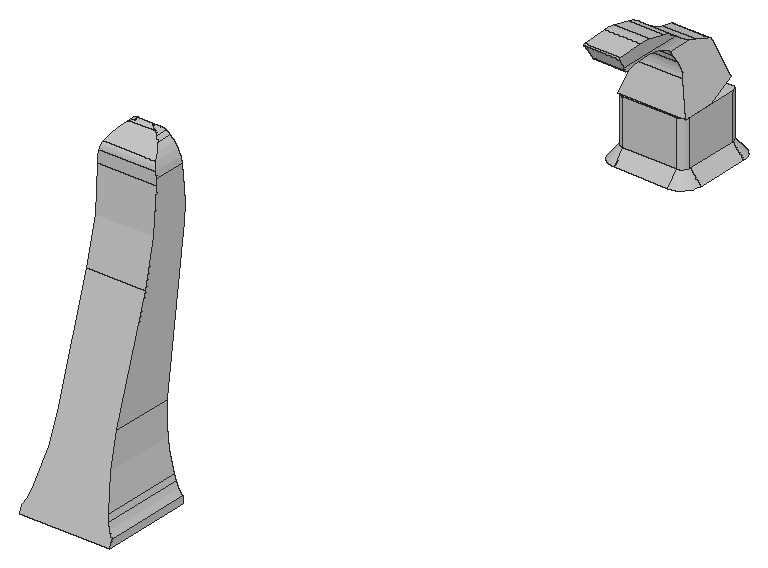
Revit family "Faucet-Lavatory-Delta-Tesla-T552LF_WL", category Plumbing Fixtures, host Face, Revit 2012
Parameters (values of type "Standard")
  Width = 2.500"  # constant formula
  URL = "http://www.deltafaucet.com/index.html"
  Product Page URL = ""
  Product Material = Steel - Delta Faucet Company - Stainless
  Product Documentation Link = ""
  Outlet Radius = 0.500"
  Part Number [instance] = Model  # "T552LF-WL"
  Part Description [instance] = Description  # "Tesla Lavatory Faucet Trim, Two Holes"
  Model Disclaimer = "Contact Delta Faucet Company for More Information"  # constant formula
  Model = "T552LF-WL"  # constant formula
  Manufacturer = "Delta Faucet Company"  # constant formula
  Mixed Water Supply Flow = 0 GPM
  Height = 23.750"  # constant formula
  Handle Height Desired [instance] = 20.000"
  Handle Height Actual [instance] = if(Handle Height Desired < 5.000", 5.000", if(Handle Height Desired > 40.000", 40.000", Handle Height Desired))  # 20.000"
  Family Version = "1.0"  # constant formula
  Equipment Number [instance] = ""
  Equipment Abbreviation = "TF"
  Description = "Tesla Lavatory Faucet Trim, Two Holes"  # constant formula
  Depth = 9.000"  # constant formula
  Default Elevation = 48.000"
  Date Modified = "January 5, 2015"  # constant formula
  Date Created = "January 5, 2015"  # constant formula
  Copyright = "Copyright © 2015 Delta Faucet Company"  # constant formula
  Outlet Flow = 0 GPM
  Connection Radius = 0.500"
Reference planes (in)
  plane 1 "Center (Front/Back)": y = 0
  plane 2 "Center (Elevation)": z = 0
  plane 3 "Center (Left/Right)": x = 0
  plane 4: x = -1.25
  plane 5: x = 1.25
  plane 6: y = 21.25
  plane 7: y = 18.75
  plane 8: y = 20.75
  plane 9: y = 19.25
  plane 10: x = -0.75
  plane 11: x = 0.75
  plane 12: y = 20.95
  plane 13: y = 19.05
  plane 14: x = -0.95
  plane 15: x = 0.95
  plane 16: z = 0
  plane 17: z = 0.365
  plane 18: z = 1.62619
  plane 19: y = 20.5
  plane 20: y = 19.11745
  plane 21: y = 20.8076
  plane 22: y = 17.66463
  plane 23: y = 17.35309
  plane 24: x = -1.5
  plane 25: x = 1.5
  plane 26: y = 20
  plane 27: z = 3.29829
  plane 28: z = 3.79829
  plane 29: z = 8.99658
Forms (in)
  Blend 1, solid, material "Steel - Delta Faucet Company - Stainless" <- "Product Material"
    base sketch origin (0, 0, 0) x (1, 0, 0) y (0, 1, 0)
      loop
        line (-1.25, 20.75) -> (-1.25, 19.25)
        arc (-1.25, 19.25) -> (-1.10355, 18.89645) -> (-0.75, 18.75) r 0.5
        line (-0.75, 18.75) -> (0.75, 18.75)
        arc (0.75, 18.75) -> (1.10355, 18.89645) -> (1.25, 19.25) r 0.5
        line (1.25, 19.25) -> (1.25, 20.75)
        arc (1.25, 20.75) -> (1.10355, 21.10355) -> (0.75, 21.25) r 0.5
        line (0.75, 21.25) -> (-0.75, 21.25)
        arc (-0.75, 21.25) -> (-1.10355, 21.10355) -> (-1.25, 20.75) r 0.5
    top sketch origin (0, 0, 0) x (1, 0, 0) y (0, 1, 0)
      loop
        arc (-0.75, 20.95) -> (-0.89142, 20.89142) -> (-0.95, 20.75) r 0.2
        line (-0.95, 20.75) -> (-0.95, 19.25)
        arc (-0.95, 19.25) -> (-0.89142, 19.10858) -> (-0.75, 19.05) r 0.2
        line (-0.75, 19.05) -> (0.75, 19.05)
        arc (0.75, 19.05) -> (0.89142, 19.10858) -> (0.95, 19.25) r 0.2
        line (0.95, 19.25) -> (0.95, 20.75)
        arc (0.95, 20.75) -> (0.89142, 20.89142) -> (0.75, 20.95) r 0.2
        line (0.75, 20.95) -> (-0.75, 20.95)
    from 0 to 0.365
  Extrusion 2, solid, material "Steel - Delta Faucet Company - Stainless" <- "Product Material"
    sketch origin (0, 0, 0) x (1, 0, 0) y (0, 1, 0)
      loop
        line (-0.95, 20.75) -> (-0.95, 19.25)
        arc (-0.95, 19.25) -> (-0.89142, 19.10858) -> (-0.75, 19.05) r 0.2
        line (-0.75, 19.05) -> (0.75, 19.05)
        arc (0.75, 19.05) -> (0.89142, 19.10858) -> (0.95, 19.25) r 0.2
        line (0.95, 19.25) -> (0.95, 20.75)
        arc (0.95, 20.75) -> (0.89142, 20.89142) -> (0.75, 20.95) r 0.2
        line (0.75, 20.95) -> (-0.75, 20.95)
        arc (-0.75, 20.95) -> (-0.89142, 20.89142) -> (-0.95, 20.75) r 0.2
    from 0.365 to 1.62619
  Extrusion 3, solid, material "Steel - Delta Faucet Company - Stainless" <- "Product Material"
    sketch origin (0, 0, 0) x (0, 1, 0) y (0, 0, 1)
      loop
        line (17.37839, 3.73248) -> (17.63497, 3.32069)
        arc (17.63497, 3.32069) -> (17.67165, 3.28847) -> (17.72002, 3.28187) r 0.08461
        line (17.72002, 3.28187) -> (18.14909, 3.34982)
        arc (18.14909, 3.34982) -> (18.55918, 3.36032) -> (18.95791, 3.26384) r 1.56437
        line (18.95791, 3.26384) -> (18.9901, 3.25139)
        arc (18.9901, 3.25139) -> (19.13676, 3.16028) -> (19.23998, 3.02187) r 0.46428
        line (19.23998, 3.02187) -> (19.32741, 2.84261)
        arc (19.32741, 2.84261) -> (19.38002, 2.65186) -> (19.36022, 2.45499) r 0.53876
        line (19.36022, 2.45499) -> (19.11745, 1.62619) -> (20, 1.62619) -> (20.77686, 1.92013)
        arc (20.77686, 1.92013) -> (20.79592, 1.93748) -> (20.79794, 1.96317) r 0.03502
        line (20.79794, 1.96317) -> (20.51535, 2.88184)
        arc (20.51535, 2.88184) -> (20.49076, 2.92239) -> (20.44988, 2.94644) r 0.09704
        line (20.44988, 2.94644) -> (20.09413, 3.05064)
        arc (20.09413, 3.05064) -> (19.76293, 3.18274) -> (19.46247, 3.37475) r 1.888
        line (19.46247, 3.37475) -> (19.27743, 3.51932)
        arc (19.27743, 3.51932) -> (19.10768, 3.62335) -> (18.91887, 3.68652) r 0.87937
        line (18.91887, 3.68652) -> (18.41071, 3.79454)
        arc (18.41071, 3.79454) -> (18.26013, 3.81613) -> (18.10802, 3.8174) r 1.13577
        line (18.10802, 3.8174) -> (17.40085, 3.7759)
        arc (17.40085, 3.7759) -> (17.37727, 3.76058) -> (17.37839, 3.73248) r 0.02843
    from -0.95 to 0.95
  Extrusion 4, void
    sketch origin (0, 0, 0) x (1, 0, 0) y (0, 0, 1)
      loop
        line (-0.95, 1.62619) -> (-0.45621, 3.14593)
        arc (-0.45621, 3.14593) -> (-0.43127, 3.27424) -> (-0.43811, 3.40477) r 0.53628
        line (-0.43811, 3.40477) -> (-0.51947, 3.86622) -> (0.51947, 3.86622) -> (0.43913, 3.41058)
        arc (0.43913, 3.41058) -> (0.43199, 3.27429) -> (0.45803, 3.14032) r 0.55993
        line (0.45803, 3.14032) -> (0.95, 1.62619) -> (1.5, 1.62619) -> (1.5, 3.92084) -> (-1.5, 3.92084) -> (-1.5, 1.62619) -> (-0.95, 1.62619)
    from -20.95 to -17.35309
  Extrusion 5, solid, material "Steel - Delta Faucet Company - Stainless" <- "Product Material"
    sketch origin (0.00256, 0, 0) x (0, 1, 0) y (0, 0, 1)
      loop
        line (-1.385, 0) -> (1.175, 0) -> (1.14791, 0.28264)
        arc (1.14791, 0.28264) -> (1.10255, 1.51583) -> (1.20219, 2.74583) r 10.5
        line (1.20219, 2.74583) -> (1.75154, 6.65465)
        arc (1.75154, 6.65465) -> (1.78386, 7.08962) -> (1.75913, 7.52509) r 3.33447
        line (1.75913, 7.52509) -> (1.59576, 8.85568)
        arc (1.59576, 8.85568) -> (1.48673, 8.99031) -> (1.31793, 8.95134) r 0.16346
        line (1.31793, 8.95134) -> (0.87944, 8.51286)
        arc (0.87944, 8.51286) -> (0.81695, 8.41932) -> (0.795, 8.30899) r 0.28831
        line (0.795, 8.30899) -> (0.795, 7.96241)
        arc (0.795, 7.96241) -> (0.6976, 6.72478) -> (0.40778, 5.51762) r 7.91153
        line (0.40778, 5.51762) -> (-1.385, 0)
    from -1.25 to 1.25
  Extrusion 6, void
    sketch origin (0.00256, 0, 0) x (1, 0, 0) y (0, 0, 1)
      loop
        line (-1.09148, 0.52968) -> (-1.04745, 0.69414)
        arc (-1.04745, 0.69414) -> (-0.87336, 1.57018) -> (-0.815, 2.46143) r 6.83438
        line (-0.815, 2.46143) -> (-0.815, 8.1358)
        arc (-0.815, 8.1358) -> (-0.74367, 8.49438) -> (-0.54055, 8.79838) r 0.93704
        line (-0.54055, 8.79838) -> (-0.44258, 8.89635)
        arc (-0.44258, 8.89635) -> (-0.32777, 8.97306) -> (-0.19234, 9) r 0.35389
        line (-0.19234, 9) -> (0.19234, 9)
        arc (0.19234, 9) -> (0.32777, 8.97306) -> (0.44258, 8.89635) r 0.35389
        line (0.44258, 8.89635) -> (0.54055, 8.79838)
        arc (0.54055, 8.79838) -> (0.74367, 8.49438) -> (0.815, 8.1358) r 0.93704
        line (0.815, 8.1358) -> (0.815, 2.46143)
        arc (0.815, 2.46143) -> (0.87336, 1.57018) -> (1.04745, 0.69414) r 6.83438
        line (1.04745, 0.69414) -> (1.09148, 0.52968)
        arc (1.09148, 0.52968) -> (1.24353, 0.20119) -> (1.49744, -0.0568) r 1.0577
        line (1.49744, -0.0568) -> (1.49744, 9.1875) -> (-1.50256, 9.1875) -> (-1.50256, -0.06044)
        arc (-1.50256, -0.06044) -> (-1.24532, 0.19861) -> (-1.09148, 0.52968) r 1.0577
    from -2.14763 to 1.385
Cuts and joins
  joined: Blend 1, Extrusion 2
  Extrusion 4 cuts Extrusion 3
  Extrusion 6 cuts Extrusion 5
Lines and regions (in)
  Masking region 1, detail levels coarse+medium
    outline origin (0, 0, 0) x (1, 0, 0) y (0, 0, 1)
      loop
        line (-1.25, 8.99658) -> (-1.25, 0) -> (1.25, 0) -> (1.25, 8.99658) -> (-1.25, 8.99658)
  Masking region 2, detail levels coarse+medium
    outline origin (0, 0, 0) x (1, 0, 0) y (0, 0, 1)
      loop
        line (-1.25, 3.79829) -> (-1.25, 0) -> (1.25, 0) -> (1.25, 3.79829) -> (-1.25, 3.79829)
  Masking region 3, detail levels fine
    outline origin (0, 0, 0) x (1, 0, 0) y (0, 0, 1)
      loop
        line (-1.25, 0.365) -> (-1.25, 0) -> (1.25, 0) -> (1.25, 0.365)
        arc (1.25, 0.365) -> (0.92299, 1.39063) -> (0.81243, 2.46143) r 5.24081
        line (0.81243, 2.46143) -> (0.81243, 8.14146)
        arc (0.81243, 8.14146) -> (0, 8.95389) -> (-0.81243, 8.14146) r 0.81243
        line (-0.81243, 8.14146) -> (-0.81243, 2.46143)
        arc (-0.81243, 2.46143) -> (-0.92299, 1.39063) -> (-1.25, 0.365) r 5.24081
  Masking region 4, detail levels fine
    outline origin (0, 0, 0) x (1, 0, 0) y (0, 0, 1)
      loop
        line (-1.25, 0) -> (1.25, 0) -> (0.95, 0.365) -> (0.95, 1.62619) -> (0.43013, 3.29829) -> (0.51829, 3.79829) -> (-0.51829, 3.79829) -> (-0.43013, 3.29829) -> (-0.95, 1.62619) -> (-0.95, 0.365) -> (-1.25, 0)
  reference lines
    curve 1: line (-1.5, 20, 0) -> (1.5, 20, 0)
  symbolic lines, detail levels fine
    curve 2: line (-0.95, 0, 1.62619) -> (0.95, 0, 1.62619)
    curve 3: line (-0.95, 0, 0.365) -> (0.95, 0, 0.365)
Dimensions and locks (in)
  equal spacing: plane 4, plane 3 "Center (Left/Right)", plane 5
  plane 4 to plane 5 = 2.500"
  locked: plane 4 to plane 10 at 0.5
  locked: plane 11 to plane 5 at 0.5
  locked: plane 15 to plane 5 at 0.3
  locked: plane 4 to plane 14 at 0.3
  locked: plane 17 to plane 16 at 0.365
  locked: plane 18 to plane 17 at 1.26119
  locked: plane 24 to plane 4 at 0.25
  locked: plane 5 to plane 25 at 0.25
  Extrusion 4 sketch curve to Extrusion 4 sketch curve to Extrusion 4 sketch curve to Extrusion 4 sketch curve to Extrusion 4 sketch curve to Extrusion 4 sketch curve to plane 18 = 0.05462" locked, 0.45564" locked, 0.00581" locked, 0.25884" locked, 0.00561" locked, 1.51413" locked
  Extrusion 4 sketch curve to Extrusion 4 sketch curve to Extrusion 4 sketch curve to plane 3 "Center (Left/Right)" to Extrusion 4 sketch curve to Extrusion 4 sketch curve to Extrusion 4 sketch curve = 0.06144" locked, 0.0189" locked, 0.43913" locked, 0.43811" locked, 0.0181" locked, 0.06327" locked
  Extrusion 3 sketch curve to Extrusion 3 sketch curve to Extrusion 3 sketch curve to Extrusion 3 sketch curve to Extrusion 3 sketch curve to Extrusion 3 sketch curve to Extrusion 3 sketch curve to Extrusion 3 sketch curve to Extrusion 3 sketch curve to Extrusion 3 sketch curve to Extrusion 3 sketch curve to Extrusion 3 sketch curve to Extrusion 3 sketch curve to Extrusion 3 sketch curve to Extrusion 3 sketch curve to Extrusion 3 sketch curve to Extrusion 3 sketch curve to Extrusion 3 sketch curve to Extrusion 3 sketch curve to plane 18 = 0.02287" locked, 0.01864" locked, 0.04342" locked, 0.04596" locked, 0.1672" locked, 0.14457" locked, 0.02493" locked, 0.02913" locked, 0.03883" locked, 0.03047" locked, 0.20075" locked, 0.02877" locked, 0.07544" locked, 0.0646" locked, 0.03923" locked, 0.38762" locked, 0.49182" locked, 0.04305" locked, 0.29394" locked
  Extrusion 3 sketch curve to Extrusion 3 sketch curve to Extrusion 3 sketch curve to Extrusion 3 sketch curve to Extrusion 3 sketch curve to Extrusion 3 sketch curve to Extrusion 3 sketch curve to Extrusion 3 sketch curve to Extrusion 3 sketch curve to Extrusion 3 sketch curve to Extrusion 3 sketch curve to Extrusion 3 sketch curve to Extrusion 3 sketch curve to Extrusion 3 sketch curve to Extrusion 3 sketch curve to Extrusion 3 sketch curve to Extrusion 3 sketch curve to Extrusion 3 sketch curve to Extrusion 3 sketch curve to Extrusion 3 sketch curve to Extrusion 3 sketch curve to plane 6 = 0.02246" locked, 0.23412" locked, 0.08505" locked, 0.388" locked, 0.04107" locked, 0.26162" locked, 0.50816" locked, 0.03903" locked, 0.0322" locked, 0.24988" locked, 0.03745" locked, 0.04998" locked, 0.0328" locked, 0.10226" locked, 0.53753" locked, 0.09413" locked, 0.35575" locked, 0.06547" locked, 0.26151" locked, 0.02108" locked, 0.45206" locked
  plane 6 to plane 12 to plane 21 to plane 8 to plane 19 to plane 9 to plane 20 to plane 13 to plane 7 to plane 22 to plane 23 = 0.300" locked, 0.1424" locked, 0.0576" locked, 0.250" locked, 1.250" locked, 0.13255" locked, 0.06745" locked, 0.300" locked, 1.08537" locked, 0.31154" locked
  equal spacing: plane 6, plane 26, plane 7
  "Handle Height Desired": plane 1 "Center (Front/Back)" to curve 1
  "Handle Height Actual": plane 1 "Center (Front/Back)" to plane 26
  Masking region 3 sketch curve to Masking region 3 sketch curve to Masking region 3 sketch curve to Masking region 3 sketch curve to Masking region 3 sketch curve to plane 16 = 0.81243" locked, 0.000" locked, 5.68003" locked, 0.000" locked, 2.46143" locked
  Masking region 3 sketch curve to plane 3 "Center (Left/Right)" to Masking region 3 sketch curve = 0.81243" locked, 0.81243" locked
  Masking region 4 sketch curve to plane 3 "Center (Left/Right)" to Masking region 4 sketch curve = 0.43013" locked, 0.43013" locked
  cut or joined group of Extrusion 5, Extrusion 6 to plane 1 "Center (Front/Back)" to cut or joined group of Extrusion 5, Extrusion 6 to cut or joined group of Extrusion 5, Extrusion 6 to cut or joined group of Extrusion 5, Extrusion 6 to cut or joined group of Extrusion 5, Extrusion 6 to cut or joined group of Extrusion 5, Extrusion 6 to cut or joined group of Extrusion 5, Extrusion 6 to cut or joined group of Extrusion 5, Extrusion 6 to cut or joined group of Extrusion 5, Extrusion 6 to cut or joined group of Extrusion 5, Extrusion 6 to cut or joined group of Extrusion 5, Extrusion 6 to cut or joined group of Extrusion 5, Extrusion 6 to cut or joined group of Extrusion 5, Extrusion 6 to cut or joined group of Extrusion 5, Extrusion 6 = 1.32263" locked, 0.40778" locked, 0.38714" locked, 0.00008" locked, 0.000" locked, 0.08444" locked, 0.27716" locked, 0.00837" locked, 0.03722" locked, 0.11569" locked, 0.26745" locked, 0.09882" locked, 0.06739" locked, 0.0076" locked
  Extrusion 5 sketch curve to Extrusion 5 sketch curve to Extrusion 5 sketch curve to Extrusion 5 sketch curve to Extrusion 5 sketch curve to Extrusion 5 sketch curve to Extrusion 5 sketch curve to Extrusion 5 sketch curve to Extrusion 5 sketch curve to plane 16 = 0.09566" locked, 0.34282" locked, 0.20387" locked, 0.34658" locked, 0.43733" locked, 0.87044" locked, 1.13703" locked, 2.77179" locked, 2.74583" locked
  aligned and locked: plane 2 "Center (Elevation)" to host face
  aligned and locked: level to host face
  aligned and locked: plane 10 to Blend 1 sketch curve  (x4)
  aligned and locked: plane 11 to Blend 1 sketch curve  (x4)
  aligned and locked: plane 8 to Blend 1 sketch curve  (x4)
  aligned and locked: plane 9 to Blend 1 sketch curve  (x4)
  aligned and locked: plane 5 to Blend 1 sketch curve
  aligned and locked: Blend 1 sketch curve to plane 4
  aligned and locked: Blend 1 sketch curve to plane 7
  aligned and locked: plane 13 to Blend 1 sketch curve
  aligned and locked: Blend 1 sketch curve to plane 15
  aligned and locked: Blend 1 sketch curve to plane 12
  aligned and locked: plane 14 to Blend 1 sketch curve
  aligned and locked: Blend 1 to plane 16
  aligned and locked: plane 17 to Blend 1
  aligned and locked: plane 10 to Extrusion 2 sketch curve  (x2)
  aligned and locked: plane 11 to Extrusion 2 sketch curve  (x2)
  aligned and locked: plane 8 to Extrusion 2 sketch curve  (x2)
  aligned and locked: plane 9 to Extrusion 2 sketch curve  (x2)
  aligned and locked: Extrusion 2 sketch curve to plane 13
  aligned and locked: Extrusion 2 sketch curve to plane 12
  aligned and locked: plane 15 to Extrusion 2 sketch curve
  aligned and locked: Extrusion 2 to plane 17
  aligned and locked: plane 18 to cut or joined group of Blend 1, Extrusion 2
  aligned and locked: Extrusion 3 sketch curve to plane 18
  aligned and locked: plane 15 to Extrusion 3
  aligned and locked: Extrusion 3 to plane 14
  aligned and locked: Extrusion 4 to plane 23
  aligned and locked: plane 12 to Extrusion 4
  aligned and locked: plane 14 to Extrusion 4 sketch curve
  aligned and locked: plane 15 to Extrusion 4 sketch curve
  aligned and locked: Extrusion 4 sketch curve to plane 18  (x2)
  aligned and locked: Extrusion 4 sketch curve to plane 24
  aligned and locked: plane 25 to Extrusion 4 sketch curve
  aligned and locked: plane 20 to Extrusion 3 sketch curve
  aligned and locked: Extrusion 6 sketch curve to plane 24
  aligned and locked: Extrusion 6 sketch curve to plane 25
  aligned and locked: plane 25 to curve 1
  aligned and locked: plane 24 to curve 1
  aligned and locked: Masking region 1 sketch curve to plane 5
  aligned and locked: plane 4 to Masking region 1 sketch curve
  aligned and locked: plane 16 to Masking region 1 sketch curve
  aligned and locked: Masking region 1 sketch curve to plane 29
  aligned and locked: Masking region 2 sketch curve to plane 5
  aligned and locked: Masking region 2 sketch curve to plane 28
  aligned and locked: plane 4 to Masking region 2 sketch curve
  aligned and locked: plane 16 to Masking region 2 sketch curve
  aligned and locked: Masking region 3 sketch curve to plane 5
  aligned and locked: Masking region 3 sketch curve to plane 4
  aligned and locked: plane 17 to Masking region 3 sketch curve  (x2)
  aligned and locked: Masking region 3 sketch curve to plane 16
  aligned and locked: Masking region 4 sketch curve to plane 16
  aligned and locked: plane 4 to Masking region 4 sketch curve
  aligned and locked: plane 5 to Masking region 4 sketch curve
  aligned and locked: plane 15 to Masking region 4 sketch curve
  aligned and locked: plane 14 to Masking region 4 sketch curve
  aligned and locked: plane 17 to Masking region 4 sketch curve  (x2)
  aligned and locked: plane 18 to Masking region 4 sketch curve  (x2)
  aligned and locked: Masking region 4 sketch curve to plane 28
  aligned and locked: plane 27 to Masking region 4 sketch curve  (x2)
  aligned and locked: plane 14 to curve 2
  aligned and locked: plane 15 to curve 2
  aligned and locked: plane 15 to curve 3
  aligned and locked: plane 14 to curve 3
  aligned and locked: cut or joined group of Extrusion 3, Extrusion 4 to plane 18
  aligned and locked: Extrusion 5 sketch curve to plane 16
Automatic sketch dimensions
  host sketch curve to host sketch curve = 0.69274"
  host sketch curve to host sketch curve = 0.56729"
  Extrusion 3 sketch curve to Extrusion 3 sketch curve = 0.02413"
  plane 22 to Extrusion 3 sketch curve = 0.04216"
  plane 22 to Extrusion 3 sketch curve = 0.50994"
  plane 18 to Extrusion 3 sketch curve = 0.17852"
  Extrusion 3 sketch curve to plane 7 = 0.35619"
  Extrusion 3 sketch curve to plane 7 = 0.01396"
  plane 7 to Extrusion 3 sketch curve = 0.07269"
  plane 7 to Extrusion 3 sketch curve = 0.09318"
  Extrusion 3 sketch curve to plane 19 = 0.0774"
  plane 19 to Extrusion 3 sketch curve = 0.12484"
  plane 8 to Extrusion 3 sketch curve = 0.01447"
  Extrusion 4 sketch curve to plane 14 = 0.01624"
  plane 15 to Extrusion 4 sketch curve = 0.04056"
  plane 1 "Center (Front/Back)" to Extrusion 5 sketch curve = 1.385"
  Extrusion 5 sketch curve to plane 1 "Center (Front/Back)" = 0.40778"
  Extrusion 5 sketch curve to plane 1 "Center (Front/Back)" = 0.795"
  Extrusion 5 sketch curve to Extrusion 5 sketch curve = 0.08444"
  Extrusion 5 sketch curve to plane 17 = 0.08236"
  Extrusion 5 sketch curve to plane 1 "Center (Front/Back)" = 1.14791"
  Extrusion 5 sketch curve to Extrusion 5 sketch curve = 0.02709"
  Extrusion 5 sketch curve to plane 1 "Center (Front/Back)" = 1.20219"
  Extrusion 5 sketch curve to Extrusion 5 sketch curve = 0.43848"
  Extrusion 5 sketch curve to Extrusion 5 sketch curve = 0.11558"
  Extrusion 5 sketch curve to Extrusion 5 sketch curve = 0.95654"
  Extrusion 5 sketch curve to Extrusion 5 sketch curve = 0.0076"
  Extrusion 5 sketch curve to plane 18 = 0.34168"
  Extrusion 5 sketch curve to Extrusion 5 sketch curve = 0.8437"
  Extrusion 5 sketch curve to Extrusion 5 sketch curve = 0.01992"
  Extrusion 6 sketch curve to plane 24 = 0.61064"
  plane 18 to Extrusion 6 sketch curve = 0.83524"  (x2)
  Extrusion 6 sketch curve to Extrusion 6 sketch curve = 5.53618"  (x2)
  Extrusion 6 sketch curve to plane 14 = 0.13892"
  Extrusion 6 sketch curve to plane 10 = 0.29489"
  Extrusion 6 sketch curve to plane 3 "Center (Left/Right)" = 0.81244"
  Extrusion 6 sketch curve to plane 3 "Center (Left/Right)" = 0.53799"
  Extrusion 6 sketch curve to Extrusion 6 sketch curve = 0.09797"  (x2)
  Extrusion 6 sketch curve to plane 3 "Center (Left/Right)" = 0.18979"
  Extrusion 6 sketch curve to plane 3 "Center (Left/Right)" = 0.11948"
  Extrusion 6 sketch curve to Extrusion 6 sketch curve = 0.24407"
  Extrusion 6 sketch curve to plane 11 = 0.5551"
  Extrusion 6 sketch curve to plane 11 = 0.30486"
  Extrusion 6 sketch curve to plane 11 = 0.20689"
  Extrusion 6 sketch curve to plane 15 = 0.13244"
  Extrusion 6 sketch curve to plane 5 = 0.19999"
  Extrusion 6 sketch curve to plane 5 = 0.15596"
  Extrusion 6 sketch curve to level = 0.0568"
  plane 17 to Extrusion 6 sketch curve = 0.43818"
  plane 25 to Extrusion 6 sketch curve = 0.61576"
  Extrusion 6 sketch curve to level = 0.06044"
  plane 17 to Extrusion 6 sketch curve = 0.16468"
  Extrusion 6 sketch curve to Extrusion 6 sketch curve = 5.67437"
  Extrusion 6 sketch curve to Extrusion 6 sketch curve = 0.000"
  Extrusion 6 sketch curve to Extrusion 6 sketch curve = 0.15227"  (x2)
  Extrusion 6 sketch curve to Extrusion 6 sketch curve = 0.38912"
  plane 10 to Masking region 4 sketch curve = 0.23171"
  Masking region 4 sketch curve to plane 11 = 0.23171"
  curve 2 to plane 18 = 0.000"
  curve 3 to plane 17 = 0.000"
Connectors (in)
  piping at (0, 20, 0), driven by "Mixed Water Supply Flow", driven by "Connection Radius"
    settings: on cut or joined group of Blend 1, Extrusion 2, index 2, connector radius 1/2", flow factor 0, pipe flow 0 GPM, pressure drop 0.00 psi, fitting loss kfactor 0, connector angle 0.000°, fixture units 0, engagement length 0.000", flow configuration 0, flow direction 2, fitting loss method 0, system type 7, joint type 0, gender type 0, connector reference index -1, connector utility 0, adjustable connector no, is connector primary yes, fitting loss table "", connector description "Mixed Water Connection"
  piping at (0.00256, -0.105, 0), driven by "Outlet Radius", driven by "Outlet Flow"
    settings: on cut or joined group of Extrusion 5, Extrusion 6, index 3, connector radius 1/2", flow factor 0, pipe flow 0 GPM, pressure drop 0.00 psi, fitting loss kfactor 0, connector angle 0.000°, fixture units 0, engagement length 0.000", flow configuration 0, flow direction 2, fitting loss method 0, system type 29, joint type 0, gender type 0, connector reference index -1, connector utility 0, adjustable connector no, is connector primary no, fitting loss table "", connector description "Outlet"
